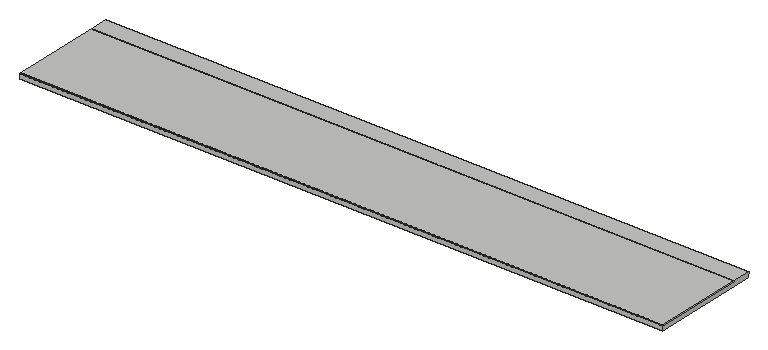
Revit family "Stair_Tread-Wooster-Cast_Nosings_Thresholds-100", category Specialty Equipment, host Face, Revit 2017
Family settings
  Host = Face
  Round Connector Dimension = Use Diameter
  Part Type = Normal
  OmniClass Number = 23.30.70.21.11.11.11
  OmniClass Title = Stair Nosings
  Cut with Voids When Loaded = No
  Shared = No
  Room Calculation Point = No
Parameters (values of type "100")
  Width [instance] = 0' - 6"  # constant formula
  Version = "2017 - v2.0a"  # constant formula
  URL = "http://www.wooster-products.com/"
  Support Phone = "(224) 699-9545"  # constant formula
  Support Email = "mailto:support@anguleris.com"
  Safety Tread [instance] = Filler - Wooster - Grey - Cast Tread
  Product Page URL = "http://www.woosterproducts.com/products/alumogrit-ferrogrit/cast-nosings/"
  Product Name = "Abrasive Cast Nosings"  # constant formula
  Product Documentation Link = "http://www.woosterproducts.com/spec/100.pdf"
  Model = "100"
  Material = ""
  Manufacturer Phone Number = "1-800-321-4936 or 330-264-2844"  # constant formula
  Manufacturer Fax Number = "330-262-4151"  # constant formula
  Manufacturer Email = "mailto:tim@wooster-products.com"
  Manufacturer Address = "1000 Spruce Street, P.O. BOX 6005, Wooster, OH. 44691"  # constant formula
  Manufacturer = "Wooster Productions Inc"  # constant formula
  Length Constraint [instance] = if(Length > 8' 6", 8' 6", Length)  # 3' - 0"
  Length [instance] = 3' - 0"
  Description = "Anti-Slip Stair Nosing"  # constant formula
  Depth = 0' - 0 5/16"  # constant formula
  Default Elevation = 0' - 0"  # constant formula
  Copyright = "Wooster Products Inc. 2019"  # constant formula
  Construction Type = "New Construction"  # constant formula
Values of the unnamed type that differ from the named types
  Support Email = ""
  Product Page URL = "http://www.wooster-products.com/Cast_Nosings_Thresholds.html"
  Product Documentation Link = "http://wooster-products.com/pub/Specs/100.pdf"
  Manufacturer Email = ""
Reference planes (in)
  plane 1 "Center (Front/Back)": y = 0
  plane 2: z = 0
  plane 3 "Center (Left/Right)": x = 0
  plane 4 "Left": x = -18
  plane 5 "Right": x = 18
  plane 6 "Back": y = 3
  plane 7 "Front": y = -3
  plane 8 "Bottom": z = -0.29687
  plane 9: y = 2
  plane 10: z = -0.04688
  plane 11: z = 0.01563
Forms (in)
  Extrusion 1, solid, material "Filler - Wooster - Grey - Cast Tread" <- "Safety Tread"
    sketch origin (0, 0, 0) x (1, 0, 0) y (0, 1, 0)
      loop
        line (-18, 2) -> (-18, -3) -> (18, -3) -> (18, 2) -> (-18, 2)
    from -0.04687 to 0.01562
  Extrusion 2, void
    sketch origin (0, 0, 0) x (1, 0, 0) y (0, 1, 0)
      loop
        line (-18, 3) -> (-18, -3) -> (18, -3) -> (18, 3) -> (-18, 3)
    from -0.29687 to 0
  Extrusion 3, solid, material "Filler - Wooster - Concrete"
    sketch origin (0, 0, 0) x (0, 1, 0) y (0, 0, 1)
      loop
        line (3, 0.01562) -> (2, 0.01562) -> (2, -0.04688) -> (-3, -0.04688) -> (-3, -0.29687) -> (3, -0.29687) -> (3, 0.01562)
    from -18 to 18
Lines and regions (in)
  Masking region 1
    outline origin (0, 0, 0) x (1, 0, 0) y (0, 1, 0)
      loop
        line (-18, 3) -> (-18, -3) -> (18, -3) -> (18, 3) -> (-18, 3)
Dimensions and locks (in)
  equal spacing: plane 4 "Left", plane 3 "Center (Left/Right)", plane 5 "Right"
  "Length Constraint": plane 4 "Left" to plane 5 "Right"
  equal spacing: plane 7 "Front", plane 1 "Center (Front/Back)", plane 6 "Back"
  "Width": plane 7 "Front" to plane 6 "Back"
  locked: plane 6 "Back" to plane 9 at 1
  locked: plane 7 "Front" to Extrusion 1 sketch curve at 5
  locked: plane 11 to plane 10 at 0.0625
  "Depth": plane 11 to plane 8 "Bottom"
  aligned and locked: plane 2 to host face
  aligned and locked: level to host face
  aligned and locked: Extrusion 2 sketch curve to Masking region 1  (x4)
  aligned and locked: Extrusion 2 to plane 8 "Bottom"
  aligned and locked: plane 2 to Extrusion 2
  aligned and locked: Extrusion 1 sketch curve to plane 7 "Front"
  aligned and locked: plane 4 "Left" to Masking region 1 sketch curve
  aligned and locked: Masking region 1 sketch curve to plane 6 "Back"
  aligned and locked: plane 5 "Right" to Masking region 1 sketch curve
  aligned and locked: Masking region 1 sketch curve to plane 7 "Front"
  aligned and locked: Extrusion 1 to plane 10
  aligned and locked: Extrusion 3 sketch curve to plane 6 "Back"
  aligned and locked: plane 8 "Bottom" to Extrusion 3 sketch curve
  aligned and locked: Extrusion 3 sketch curve to plane 7 "Front"
  aligned and locked: Extrusion 3 sketch curve to plane 10
  aligned and locked: plane 9 to Extrusion 3 sketch curve
  aligned and locked: Extrusion 3 to plane 5 "Right"
  aligned and locked: Extrusion 3 to plane 4 "Left"
  aligned and locked: plane 4 "Left" to Extrusion 1 sketch curve
  aligned and locked: plane 5 "Right" to Extrusion 1 sketch curve
  aligned and locked: plane 11 to Extrusion 1
  aligned and locked: Extrusion 3 sketch curve to plane 11
Automatic sketch dimensions
  host sketch curve to host sketch curve = 8' - 0"
  host sketch curve to host sketch curve = 4' - 0"
